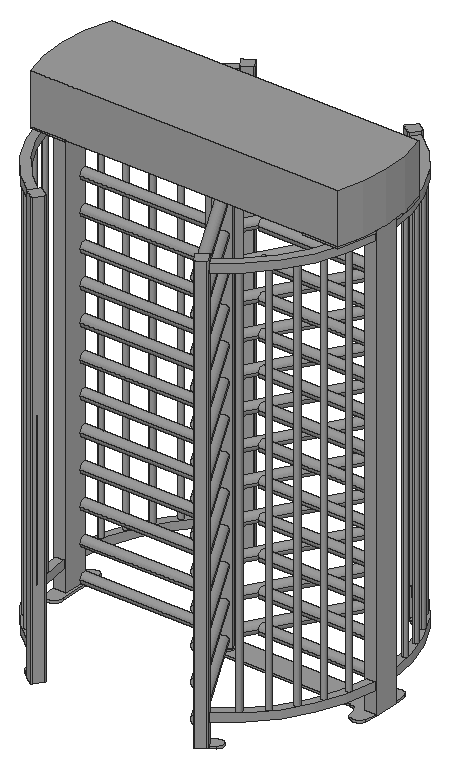
Revit family "ASSA_ABLOY_FT200", category Generic Models, Revit 2020 (continued)
Definition of nested family "record_MRT_RevolvingElement"
  Forms (mm)
    Sweep 15, solid, material <- "Frame Material", not visible, detail levels medium
      profile origin (-186.682, -323.358, 37) x (0.86605, -0.499957, 0) y (0, 0, 1)
        loop
          line (-25.5, 1500) -> (-25.5, 1449) -> (25.5, 1449) -> (25.5, 1500) -> (-25.5, 1500)
        loop
          line (-25.5, 1339) -> (-25.5, 1288) -> (25.5, 1288) -> (25.5, 1339) -> (-25.5, 1339)
        loop
          line (-25.5, 1178) -> (-25.5, 1127) -> (25.5, 1127) -> (25.5, 1178) -> (-25.5, 1178)
        loop
          line (-25.5, 1017) -> (-25.5, 966) -> (25.5, 966) -> (25.5, 1017) -> (-25.5, 1017)
        loop
          line (-25.5, 856) -> (-25.5, 805) -> (25.5, 805) -> (25.5, 856) -> (-25.5, 856)
        loop
          line (-25.5, 695) -> (-25.5, 644) -> (25.5, 644) -> (25.5, 695) -> (-25.5, 695)
        loop
          line (-25.5, 534) -> (-25.5, 483) -> (25.5, 483) -> (25.5, 534) -> (-25.5, 534)
        loop
          line (-25.5, 373) -> (-25.5, 322) -> (25.5, 322) -> (25.5, 373) -> (-25.5, 373)
        loop
          line (-25.5, 212) -> (-25.5, 161) -> (25.5, 161) -> (25.5, 212) -> (-25.5, 212)
        loop
          line (-25.5, 51) -> (-25.5, 0) -> (25.5, 0) -> (25.5, 51) -> (-25.5, 51)
    Sweep 16, solid, material <- "Frame Material", not visible, detail levels fine
      path origin (0, 0, 37) x (0, -1, 0) y (1, 0, 0)
        loop
          line (0, 60.877) -> (0, 685.877)
      profile origin (373.377, 0, 37) x (0, 1, 0) y (0, 0, 1)
        loop
          circle (0, 25.5) r 25.5
        loop
          circle (0, 186.5) r 25.5
        loop
          circle (0, 347.5) r 25.5
        loop
          circle (0, 508.5) r 25.5
        loop
          circle (0, 669.5) r 25.5
        loop
          circle (0, 830.5) r 25.5
        loop
          circle (0, 991.5) r 25.5
        loop
          circle (0, 1152.5) r 25.5
        loop
          circle (0, 1313.5) r 25.5
        loop
          circle (0, 1474.5) r 25.5
        loop
          circle (0, 1635.5) r 25.5
        loop
          circle (0, 1796.5) r 25.5
        loop
          circle (0, 1957.5) r 25.5
    Sweep 17, solid, material <- "Frame Material", not visible, detail levels fine
      path origin (0, 0, 37) x (0, -1, 0) y (1, 0, 0)
        loop
          line (-52.722, -30.439) -> (-593.989, -342.946)
      profile origin (-186.693, 323.356, 37) x (-0.866021, -0.500007, 0) y (0, 0, 1)
        loop
          circle (0, 25.5) r 25.5
        loop
          circle (0, 186.5) r 25.5
        loop
          circle (0, 347.5) r 25.5
        loop
          circle (0, 508.5) r 25.5
        loop
          circle (0, 669.5) r 25.5
        loop
          circle (0, 830.5) r 25.5
        loop
          circle (0, 991.5) r 25.5
        loop
          circle (0, 1152.5) r 25.5
        loop
          circle (0, 1313.5) r 25.5
        loop
          circle (0, 1474.5) r 25.5
        loop
          circle (0, 1635.5) r 25.5
        loop
          circle (0, 1796.5) r 25.5
        loop
          circle (0, 1957.5) r 25.5
    Sweep 18, solid, material <- "Frame Material", not visible, detail levels fine
      path origin (0, 0, 37) x (0, -1, 0) y (1, 0, 0)
        loop
          line (52.717, -30.446) -> (593.999, -342.919)
      profile origin (-186.682, -323.358, 37) x (0.86605, -0.499957, 0) y (0, 0, 1)
        loop
          circle (0, 25.5) r 25.5
        loop
          circle (0, 186.5) r 25.5
        loop
          circle (0, 347.5) r 25.5
        loop
          circle (0, 508.5) r 25.5
        loop
          circle (0, 669.5) r 25.5
        loop
          circle (0, 830.5) r 25.5
        loop
          circle (0, 991.5) r 25.5
        loop
          circle (0, 1152.5) r 25.5
        loop
          circle (0, 1313.5) r 25.5
        loop
          circle (0, 1474.5) r 25.5
        loop
          circle (0, 1635.5) r 25.5
        loop
          circle (0, 1796.5) r 25.5
        loop
          circle (0, 1957.5) r 25.5
  Dimensions and locks
    plane 3 "Center (Left/Right)" to plane 4 = 60.0 mm
    plane 6 to plane 2 = 2110.5 mm
    level to plane 11 "Rods" = 37.0 mm
    "Rods Offset": plane 11 "Rods" to plane 2
    "Rods Length": plane 4 to plane 5
    "Rods Length": plane 10 to plane 7
    "Rods Length": plane 8 to plane 9
    aligned and locked: level to plane 2
    aligned and locked: plane 11 "Rods" to Sweep 2
    aligned and locked: plane 11 "Rods" to Sweep 4
    aligned and locked: plane 11 "Rods" to Sweep 3
    aligned and locked: profile plane to plane 11 "Rods"
    aligned and locked: profile plane to plane 12 "Rods"
    aligned and locked: plane 4 to Sweep 9 sketch curve
    aligned and locked: plane 4 to Sweep 2 sketch curve
    aligned and locked: Sweep 3 sketch curve to plane 13
    aligned and locked: plane 7 to Sweep 3 sketch curve
    aligned and locked: Sweep 10 sketch curve to plane 13
    aligned and locked: Sweep 10 sketch curve to Sweep 3
    aligned and locked: plane 10 to Sweep 10 sketch curve
    aligned and locked: Sweep 11 sketch curve to plane 14
    aligned and locked: plane 8 to Sweep 11 sketch curve
    aligned and locked: Sweep 4 sketch curve to plane 14
    aligned and locked: Sweep 4 sketch curve to Sweep 11
    aligned and locked: plane 7 to Extrusion 12 sketch curve
  Automatic sketch dimensions
    Extrusion 1 sketch curve to plane 8 = 0.0 mm  (x2)
    plane 1 "Center (Front/Back)" to Extrusion 1 sketch curve = 0.0 mm
    Extrusion 1 sketch curve to plane 4 = 0.0 mm
    plane 3 "Center (Left/Right)" to Extrusion 1 sketch curve = 23.094 mm  (x2)
    plane 3 "Center (Left/Right)" to Extrusion 1 sketch curve = 4.203 mm
    plane 3 "Center (Left/Right)" to Extrusion 1 sketch curve = 4.649 mm
    Extrusion 1 sketch curve to plane 3 "Center (Left/Right)" = 46.188 mm
    Extrusion 1 sketch curve to Extrusion 1 sketch curve = 18.444 mm
    plane 1 "Center (Front/Back)" to Extrusion 1 sketch curve = 32.723 mm
    plane 1 "Center (Front/Back)" to Extrusion 1 sketch curve = 40.0 mm
    Extrusion 1 sketch curve to plane 1 "Center (Front/Back)" = 31.946 mm
    Extrusion 1 sketch curve to plane 1 "Center (Front/Back)" = 40.0 mm
    Extrusion 1 sketch curve to Extrusion 1 sketch curve = 0.0 mm
    Extrusion 1 sketch curve to Extrusion 1 sketch curve = 31.947 mm
    plane 1 "Center (Front/Back)" to Extrusion 5 sketch curve = 0.0 mm
    plane 3 "Center (Left/Right)" to Extrusion 5 sketch curve = 0.0 mm
    plane 1 "Center (Front/Back)" to Extrusion 6 sketch curve = 0.0 mm
    plane 3 "Center (Left/Right)" to Extrusion 6 sketch curve = 0.0 mm
    plane 3 "Center (Left/Right)" to Extrusion 7 sketch curve = 0.0 mm
    plane 1 "Center (Front/Back)" to Extrusion 7 sketch curve = 6.584 mm
    plane 3 "Center (Left/Right)" to Extrusion 8 sketch curve = 0.0 mm
    plane 1 "Center (Front/Back)" to Extrusion 8 sketch curve = 6.584 mm
    Sweep 9 sketch curve to profile plane = 0.0 mm  (x13)
    Sweep 9 sketch curve to Sweep 9 sketch curve = 161.0 mm  (x12)
    Sweep 10 sketch curve to profile plane = 0.0 mm  (x13)
    Sweep 11 sketch curve to profile plane = 0.0 mm  (x13)
    Sweep 11 sketch curve to Sweep 11 sketch curve = 161.0 mm  (x12)
    profile plane to Sweep 4 sketch curve = 25.5 mm  (x13)
    Sweep 4 sketch curve to profile plane = 25.5 mm  (x13)
    Sweep 4 sketch curve to Sweep 4 sketch curve = 51.0 mm  (x13)
    Sweep 4 sketch curve to Sweep 4 sketch curve = 110.0 mm  (x12)
    profile plane to Sweep 2 sketch curve = 25.5 mm  (x3)
    Sweep 2 sketch curve to Sweep 2 sketch curve = 0.0 mm  (x10)
    Sweep 2 sketch curve to Sweep 2 sketch curve = 51.0 mm  (x26)
    Sweep 2 sketch curve to Sweep 2 sketch curve = 110.0 mm  (x12)
    profile plane to Sweep 3 sketch curve = 25.5 mm  (x13)
    Sweep 3 sketch curve to profile plane = 25.5 mm  (x13)
    Sweep 3 sketch curve to Sweep 3 sketch curve = 51.0 mm  (x13)
    Sweep 3 sketch curve to Sweep 3 sketch curve = 110.0 mm  (x12)
    Extrusion 12 sketch curve to plane 8 = 0.0 mm  (x2)
    plane 1 "Center (Front/Back)" to Extrusion 12 sketch curve = 0.0 mm
    Extrusion 12 sketch curve to plane 4 = 0.0 mm
    plane 3 "Center (Left/Right)" to Extrusion 12 sketch curve = 23.094 mm  (x2)
    plane 3 "Center (Left/Right)" to Extrusion 12 sketch curve = 4.203 mm
    plane 3 "Center (Left/Right)" to Extrusion 12 sketch curve = 4.649 mm
    Extrusion 12 sketch curve to Extrusion 12 sketch curve = 18.444 mm
    plane 1 "Center (Front/Back)" to Extrusion 12 sketch curve = 32.723 mm
    plane 1 "Center (Front/Back)" to Extrusion 12 sketch curve = 40.0 mm
    Extrusion 12 sketch curve to plane 1 "Center (Front/Back)" = 31.946 mm
    Extrusion 12 sketch curve to Extrusion 12 sketch curve = 0.0 mm
    Sweep 2 sketch curve to profile plane = 0.0 mm
    profile plane to Sweep 3 sketch curve = 0.0 mm
    Sweep 4 sketch curve to profile plane = 0.0 mm
    profile plane to Sweep 9 sketch curve = 25.5 mm
    profile plane to Sweep 11 sketch curve = 25.5 mm
    Sweep 16 sketch curve to profile plane = 0.0 mm  (x13)
    Sweep 16 sketch curve to Sweep 16 sketch curve = 161.0 mm  (x12)
    Sweep 17 sketch curve to profile plane = 0.0 mm  (x13)
    Sweep 17 sketch curve to Sweep 17 sketch curve = 161.0 mm  (x12)
    Sweep 18 sketch curve to profile plane = 0.0 mm  (x13)
    Sweep 18 sketch curve to Sweep 18 sketch curve = 161.0 mm  (x12)
    profile plane to Sweep 15 sketch curve = 25.5 mm  (x13)
    Sweep 15 sketch curve to profile plane = 25.5 mm  (x13)
    Sweep 15 sketch curve to Sweep 15 sketch curve = 51.0 mm  (x13)
    Sweep 15 sketch curve to Sweep 15 sketch curve = 110.0 mm  (x12)
    profile plane to Sweep 13 sketch curve = 25.5 mm  (x3)
    Sweep 13 sketch curve to Sweep 13 sketch curve = 0.0 mm  (x10)
    Sweep 13 sketch curve to Sweep 13 sketch curve = 51.0 mm  (x26)
    Sweep 13 sketch curve to Sweep 13 sketch curve = 110.0 mm  (x12)
    profile plane to Sweep 14 sketch curve = 25.5 mm  (x13)
    Sweep 14 sketch curve to profile plane = 25.5 mm  (x13)
    Sweep 14 sketch curve to Sweep 14 sketch curve = 51.0 mm  (x13)
    Sweep 14 sketch curve to Sweep 14 sketch curve = 110.0 mm  (x12)
    Sweep 13 sketch curve to Sweep 13 sketch curve = 625.0 mm
    Sweep 13 sketch curve to profile plane = 0.0 mm
    Sweep 14 sketch curve to Sweep 14 sketch curve = 541.267 mm
    Sweep 14 sketch curve to Sweep 14 sketch curve = 312.507 mm
    profile plane to Sweep 14 sketch curve = 0.0 mm
    Sweep 15 sketch curve to Sweep 15 sketch curve = 541.283 mm
    Sweep 15 sketch curve to Sweep 15 sketch curve = 312.474 mm
    Sweep 15 sketch curve to profile plane = 0.0 mm
    Sweep 16 sketch curve to Sweep 16 sketch curve = 625.0 mm
    profile plane to Sweep 16 sketch curve = 25.5 mm
    Sweep 17 sketch curve to Sweep 17 sketch curve = 541.267 mm
    Sweep 17 sketch curve to Sweep 17 sketch curve = 312.507 mm
    profile plane to Sweep 17 sketch curve = 25.5 mm
    Sweep 18 sketch curve to Sweep 18 sketch curve = 541.283 mm
    Sweep 18 sketch curve to Sweep 18 sketch curve = 312.474 mm
    profile plane to Sweep 18 sketch curve = 25.5 mm
    profile plane to Sweep 10 sketch curve = 25.5 mm
    Sweep 10 sketch curve to Sweep 10 sketch curve = 161.0 mm  (x12)
    Sweep 9 sketch curve to plane 5 = 0.0 mm
    plane 1 "Center (Front/Back)" to Sweep 9 sketch curve = 0.0 mm
    Sweep 2 sketch curve to plane 5 = 0.0 mm
    plane 1 "Center (Front/Back)" to Sweep 2 sketch curve = 0.0 mm
    Sweep 3 sketch curve to plane 10 = 0.0 mm
    Sweep 11 sketch curve to plane 9 = 0.0 mm
    Sweep 4 sketch curve to plane 9 = 0.0 mm
    radius of Extrusion 5 sketch curve = 70.5 mm
    radius of Extrusion 6 sketch curve = 20.0 mm
    radius of Extrusion 7 sketch curve = 70.5 mm
    radius of Extrusion 8 sketch curve = 20.0 mm
    radius of Sweep 9 sketch curve = 25.5 mm  (x13)
    radius of Sweep 10 sketch curve = 25.5 mm  (x13)
    radius of Sweep 11 sketch curve = 25.5 mm  (x13)
    radius of Sweep 16 sketch curve = 25.5 mm  (x13)
    radius of Sweep 17 sketch curve = 25.5 mm  (x13)
    radius of Sweep 18 sketch curve = 25.5 mm  (x13)
Definition of nested family "record_MRT_CZ"
  Parameters (values of type "record_MRT_CZ")
    Width [instance] = 1200.0 mm
    Default Elevation = 0.0 mm
    Clearance Zone Material [instance] = none
    Clearance Zone [instance] = yes
    CZRadius2 [instance] = Width / 2 - 99.2 mm  # 500.8 mm
    CZRadius1 [instance] = Width / 2 + 5.0 mm  # 605.0 mm
    Angle [instance] = if(Width = 1441.0 mm, 52.95°, if(Width = 1501.0 mm, 54.90°, 55.73°))  # 55.73°
  Reference planes
    plane 1 "Center (Front/Back)": y = 0
    plane 2: z = 0
    plane 3 "Center (Left/Right)": x = 0
    plane 4: z = 2125
    plane 5: x = 600
    plane 6: x = -600
  Forms (mm)
    Sweep 1, solid, not visible
      path origin (743.754, 172.094, 0) x (0, 0, 1) y (0.225717, -0.974193, 0)
        loop
          line (148.5, 0) -> (2077, 0)
      profile origin (743.754, 172.094, 1112.75) x (0.225717, -0.974193, 0) y (0.974193, 0.225717, 0)
        loop
          circle (0, -0.066) r 10
    Sweep 2, solid, not visible
      path origin (709.973, 280.46, 0) x (0, 0, 1) y (0.36785, -0.929885, 0)
        loop
          line (148.5, 0) -> (2077, 0)
      profile origin (709.973, 280.46, 1112.75) x (0.36785, -0.929885, 0) y (0.929885, 0.36785, 0)
        loop
          circle (0, -0.066) r 10
    Sweep 3, solid, not visible
      path origin (660.477, 382.61, 0) x (0, 0, 1) y (0.50183, -0.864966, 0)
        loop
          line (148.5, 0) -> (2077, 0)
      profile origin (660.477, 382.61, 1112.75) x (0.50183, -0.864966, 0) y (0.864966, 0.50183, 0)
        loop
          circle (0, -0.066) r 10
    Sweep 4, solid, not visible
      path origin (599.29, 472.625, 0) x (0, 0, 1) y (0.625012, -0.780615, 0)
        loop
          line (148.5, -5) -> (2077, -5)
      profile origin (596.165, 476.528, 1112.75) x (0.625012, -0.780615, 0) y (0.780615, 0.625012, 0)
        loop
          circle (0, -0.066) r 10
    Sweep 5, solid, not visible
      path origin (522.49, 556.213, 0) x (0, 0, 1) y (0.73398, -0.679171, 0)
        loop
          line (148.5, -5) -> (2077, -5)
      profile origin (518.82, 559.609, 1112.75) x (0.73398, -0.679171, 0) y (0.679171, 0.73398, 0)
        loop
          circle (0, -0.066) r 10
    Sweep 6, solid, not visible
      path origin (434.471, 627.239, 0) x (0, 0, 1) y (0.826376, -0.563119, 0)
        loop
          line (0, -5) -> (2130, -5)
      profile origin (430.339, 630.054, 1065) x (0.826376, -0.563119, 0) y (0.563119, 0.826376, 0)
        loop
          line (-6.4, 29.934) -> (-53.6, 29.934)
          arc (-53.6, 29.934) -> (-58.125, 28.06) -> (-60, 23.534) r 6.4
          line (-60, 23.534) -> (-60, -23.666)
          arc (-60, -23.666) -> (-58.125, -28.191) -> (-53.6, -30.066) r 6.4
          line (-53.6, -30.066) -> (-6.4, -30.066)
          arc (-6.4, -30.066) -> (-1.875, -28.191) -> (0, -23.666) r 6.4
          line (0, -23.666) -> (0, 23.534)
          arc (0, 23.534) -> (-1.875, 28.06) -> (-6.4, 29.934) r 6.4
    Sweep 7, solid, not visible
      path origin (0, 0, 0) x (1, 0, 0) y (0, 1, 0)
        loop
          arc (763.43, 0) -> (675.033, 356.342) -> (430.339, 630.054) r 762.43
      profile origin (675.033, 356.342, 0) x (-0.884058, -0.467376, 0) y (0, 0, 1)
        loop
          line (19.934, 108.5) -> (19.934, 148.5) -> (-20.066, 148.5) -> (-20.066, 108.5) -> (19.934, 108.5)
        loop
          line (19.934, 2077) -> (19.934, 2117) -> (-20.066, 2117) -> (-20.066, 2077) -> (19.934, 2077)
    Sweep 8, solid, not visible
      path origin (430.339, 630.054, 0) x (0, 0, 1) y (0.826376, -0.563119, 0)
        loop
          line (0, 0) -> (8, 0)
      profile origin (430.339, 630.054, 4) x (0.826376, -0.563119, 0) y (0.563119, 0.826376, 0)
        loop
          line (0, 27.934) -> (0, -28.066)
          arc (0, -28.066) -> (14.452, -28.208) -> (28.898, -28.634) r 734.365
          arc (28.898, -28.634) -> (57.978, -1.758) -> (31.102, 27.322) r 28
          arc (31.102, 27.322) -> (15.554, 27.781) -> (0, 27.934) r 790.365
    Sweep 9, solid, not visible
      path origin (473.627, 546.001, 0) x (0, 0, 1) y (0.755398, -0.655267, 0)
        loop
          line (148.5, 0) -> (2077, 0)
      profile origin (473.627, 546.001, 1112.75) x (0.755398, -0.655267, 0) y (0.655267, 0.755398, 0)
        loop
          arc (10, -0.066) -> (0, 9.934) -> (-10, -0.066) r 10
          line (-10, -0.066) -> (-10, -10) -> (10, -10) -> (10, -0.066)
    Extrusion 10, solid, material <- "Clearance Zone Material", visible <- "Clearance Zone"
      sketch origin (0, 0, 0) x (1, 0, 0) y (0, 1, 0)
        loop
          arc (225.896, 446.958) -> (0, 500.8) -> (-225.896, 446.958) r 500.8
          line (-225.896, 446.958) -> (-284.984, 533.675)
          arc (-284.984, 533.675) -> (-605, 0) -> (-284.984, -533.675) r 605
          line (-284.984, -533.675) -> (-225.896, -446.958)
          arc (-225.896, -446.958) -> (0, -500.8) -> (225.896, -446.958) r 500.8
          line (225.896, -446.958) -> (284.984, -533.675)
          arc (284.984, -533.675) -> (605, 0) -> (284.984, 533.675) r 605
          line (284.984, 533.675) -> (225.896, 446.958)
      from 0 to 2135
    Extrusion 11, void
      sketch origin (0, 0, 0) x (1, 0, 0) y (0, 1, 0)
        loop
          line (-730, 255) -> (-730, -255) -> (730, -255) -> (730, 255) -> (-730, 255)
      from 2115 to 2500
  Cuts and joins
    Extrusion 11 cuts Extrusion 10
  Lines and regions (mm)
    reference lines
      curve 1: line (0, 0, 0) -> (340.672, 499.968, 0)
      curve 2: circle (0, 0, 0) r 605 normal (0, 0, 1)
      curve 3: circle (0, 0, 0) r 500.8 normal (0, 0, 1)
      curve 4: line (0, 0, 0) -> (340.672, -499.968, 0)
      curve 5: line (0, 0, 0) -> (-340.672, 499.968, 0)
      curve 6: line (0, 0, 0) -> (-340.672, -499.968, 0)
  Dimensions and locks
    plane 4 to plane 2 = 2125.0 mm
    equal spacing: plane 6, plane 3 "Center (Left/Right)", plane 5
    "Width": plane 6 to plane 5
    equal spacing: curve 2, plane 3 "Center (Left/Right)", curve 2
    equal spacing: curve 2, plane 1 "Center (Front/Back)", curve 2
    locked: plane 3 "Center (Left/Right)" to curve 1
    locked: curve 1 to Extrusion 10 sketch curve at 65
    locked: Extrusion 10 sketch curve to curve 4 at 65
    locked: curve 5 to Extrusion 10 sketch curve at 65
    locked: curve 6 to Extrusion 10 sketch curve at 65
    "CZRadius1": radius of curve 2
    "CZRadius2": radius of curve 3
    "Angle": angle plane 1 "Center (Front/Back)" to curve 1
    "Angle": angle curve 4 to plane 1 "Center (Front/Back)"
    "Angle": angle plane 1 "Center (Front/Back)" to curve 6
    "Angle": angle curve 5 to plane 1 "Center (Front/Back)"
    aligned and locked: level to plane 2
    aligned and locked: Extrusion 10 sketch curve to curve 3  (x2)
    aligned and locked: plane 1 "Center (Front/Back)" to curve 4
    aligned and locked: Extrusion 10 sketch curve to curve 2  (x2)
  Automatic sketch dimensions
    Sweep 9 sketch curve to profile plane = 0.0 mm
    profile plane to Sweep 9 sketch curve = 10.0 mm
    Sweep 9 sketch curve to profile plane = 10.0 mm
    Sweep 9 sketch curve to profile plane = 0.066 mm
    Sweep 9 sketch curve to Sweep 9 sketch curve = 1928.5 mm
    plane 6 to Extrusion 11 sketch curve = 130.0 mm
    plane 5 to Extrusion 11 sketch curve = 130.0 mm
    plane 1 "Center (Front/Back)" to Extrusion 11 sketch curve = 255.0 mm
    Extrusion 11 sketch curve to plane 1 "Center (Front/Back)" = 255.0 mm
    Extrusion 10 sketch curve to Extrusion 10 sketch curve = 0.0 mm
    curve 2 to curve 3 = 0.0 mm  (x2)
